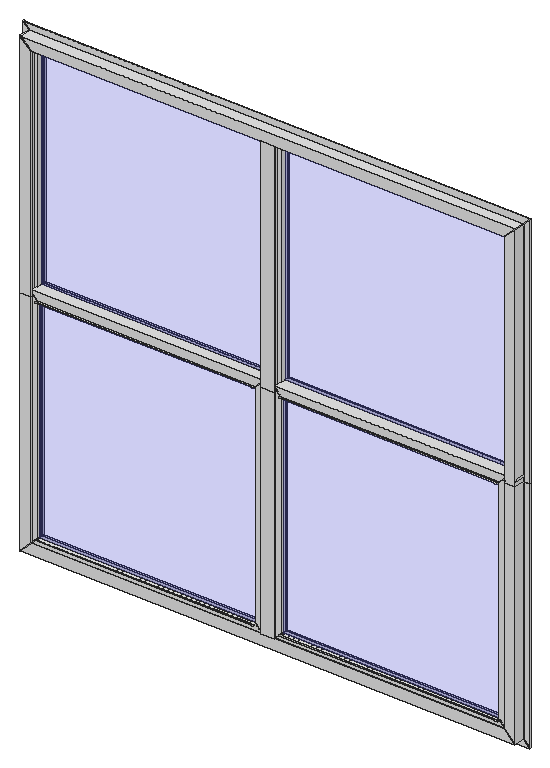
Revit family "591_SH-SH_nailfin", category Windows, host Wall, Revit 2016 (continued)
Automatic sketch dimensions
  Extrusion 8 sketch curve to host wall = 0.36278"
  Extrusion 8 sketch curve to plane 10 "Hbs" = 0.35353"
  Extrusion 8 sketch curve to Extrusion 8 sketch curve = 0.47403"
  Extrusion 8 sketch curve to Extrusion 8 sketch curve = 0.0395"
  Extrusion 8 sketch curve to Extrusion 8 sketch curve = 0.37545"
  Extrusion 8 sketch curve to Extrusion 8 sketch curve = 0.06205"
  Extrusion 8 sketch curve to Extrusion 8 sketch curve = 0.02526"
  Extrusion 8 sketch curve to plane 10 "Hbs" = 0.41553"
  Extrusion 8 sketch curve to plane 10 "Hbs" = 0.54054"
  Extrusion 8 sketch curve to Extrusion 8 sketch curve = 0.00004"  (x2)
  Extrusion 8 sketch curve to Extrusion 8 sketch curve = 0.41499"
  Extrusion 8 sketch curve to Extrusion 8 sketch curve = 0.41503"
  Extrusion 8 sketch curve to Extrusion 8 sketch curve = 1/16"
  Extrusion 8 sketch curve to Extrusion 8 sketch curve = 0.0378"
  plane 25 to Extrusion 8 sketch curve = 0.15278"
  Extrusion 8 sketch curve to Extrusion 8 sketch curve = 0.02525"
  Extrusion 9 sketch curve to host wall = 0"
  host wall to Extrusion 9 sketch curve = 0.065"
  host wall to Extrusion 9 sketch curve = 0.25043"
  plane 26 "Front of glass" to Extrusion 9 sketch curve = 0.0008"
  plane 26 "Front of glass" to Extrusion 9 sketch curve = 0.0403"
  plane 26 "Front of glass" to Extrusion 9 sketch curve = 0.10872"
  plane 6 "Head" to Extrusion 9 sketch curve = 5/256"
  Extrusion 9 sketch curve to Extrusion 9 sketch curve = 0.02762"
  Extrusion 9 sketch curve to plane 6 "Head" = 0.02047"
  Extrusion 9 sketch curve to Extrusion 9 sketch curve = 0.185"
  Extrusion 9 sketch curve to Extrusion 9 sketch curve = 0.36387"
  Extrusion 9 sketch curve to Extrusion 9 sketch curve = 1/8"
  Extrusion 9 sketch curve to host wall = 0.36"
  Extrusion 9 sketch curve to Extrusion 9 sketch curve = 0.2"
  Extrusion 9 sketch curve to Extrusion 9 sketch curve = 0.02528"
  Extrusion 9 sketch curve to plane 24 = 0.12495"
  Extrusion 9 sketch curve to plane 24 = 0.37495"
  plane 3 "Left" to Extrusion 28 sketch curve = 1.98862"
  Extrusion 28 sketch curve to plane 19 = 0.98638"
  plane 24 to Extrusion 28 sketch curve = 2.11143"
  Extrusion 28 sketch curve to plane 6 "Head" = 1.98909"
  plane 3 "Left" to Extrusion 29 sketch curve = 1.94673"
  Extrusion 29 sketch curve to plane 19 = 0.27827"
  plane 24 to Extrusion 29 sketch curve = 1.36143"
  Extrusion 29 sketch curve to plane 6 "Head" = 1.98909"
  plane 16 to Extrusion 30 sketch curve = 0.12665"
  Extrusion 30 sketch curve to plane 4 "Right" = 1.75984"
  plane 24 to Extrusion 30 sketch curve = 1.25217"
  Extrusion 30 sketch curve to plane 6 "Head" = 1.75984"
  plane 16 to Extrusion 31 sketch curve = 0.47997"
  Extrusion 31 sketch curve to plane 4 "Right" = 1.66316"
  plane 24 to Extrusion 31 sketch curve = 1 155/256"
  Extrusion 31 sketch curve to plane 6 "Head" = 1.66316"
  plane 16 to Extrusion 32 sketch curve = 1.54086"
  Extrusion 32 sketch curve to plane 4 "Right" = 1 1/2"
  plane 5 "Sill" to Extrusion 32 sketch curve = 1 1/2"
  Extrusion 32 sketch curve to plane 21 = 1.56226"
  plane 16 to Extrusion 33 sketch curve = 1.36409"
  Extrusion 33 sketch curve to plane 4 "Right" = 1.60203"
  plane 5 "Sill" to Extrusion 33 sketch curve = 1.60203"
  Extrusion 33 sketch curve to plane 21 = 1.38548"
  plane 3 "Left" to Extrusion 34 sketch curve = 1.9796"
  Extrusion 34 sketch curve to plane 19 = 1.21447"
  plane 5 "Sill" to Extrusion 34 sketch curve = 2"
  Extrusion 34 sketch curve to plane 21 = 1.21547"
  plane 3 "Left" to Extrusion 35 sketch curve = 2.98541"
  Extrusion 35 sketch curve to plane 19 = 1.85911"
  plane 5 "Sill" to Extrusion 35 sketch curve = 3.0058"
  Extrusion 35 sketch curve to plane 21 = 1.86011"
  plane 25 to Extrusion 36 sketch curve = 0.41477"
  plane 3 "Left" to Extrusion 36 sketch curve = 0.85"
  Extrusion 36 sketch curve to plane 23 = 0.12511"
  Extrusion 36 sketch curve to plane 12 = 0.5011"
  Extrusion 36 sketch curve to plane 19 = 1/2"
  Extrusion 36 sketch curve to plane 10 "Hbs" = 0.41553"
  Extrusion 36 sketch curve to plane 10 "Hbs" = 1.13757"
  Extrusion 37 sketch curve to plane 10 "Hbs" = 0"
  plane 3 "Left" to Extrusion 37 sketch curve = 1.85"
  Extrusion 37 sketch curve to plane 23 = 0.12511"
  Extrusion 37 sketch curve to plane 12 = 0.5011"
  Extrusion 37 sketch curve to plane 19 = 0.73925"
  Extrusion 37 sketch curve to plane 10 "Hbs" = 0.65479"
  plane 25 to Extrusion 37 sketch curve = 1.46991"
  plane 18 to Extrusion 38 sketch curve = 0.51402"
  plane 13 to Extrusion 38 sketch curve = 1/2"
  Extrusion 38 sketch curve to plane 14 = 0.50111"
  Extrusion 38 sketch curve to plane 17 = 0.51302"
  Extrusion 38 sketch curve to plane 10 "Hbs" = 0.42855"
  Extrusion 38 sketch curve to plane 23 = 1/8"  (x2)
  plane 25 to Extrusion 38 sketch curve = 0.3397"
  Extrusion 39 sketch curve to plane 10 "Hbs" = 0"
  plane 25 to Extrusion 39 sketch curve = 0.45179"
  plane 18 to Extrusion 39 sketch curve = 1.15617"
  plane 18 to Extrusion 39 sketch curve = 0.51402"
  plane 13 to Extrusion 39 sketch curve = 1/2"
  Extrusion 39 sketch curve to plane 14 = 0.50111"
  Extrusion 39 sketch curve to plane 17 = 0.76302"
  Extrusion 39 sketch curve to plane 10 "Hbs" = 0.42855"
  Extrusion 39 sketch curve to plane 10 "Hbs" = 0.67855"
  Extrusion 39 sketch curve to plane 23 = 1/8"  (x2)
  plane 16 to Extrusion 40 sketch curve = 1/2"
  Extrusion 40 sketch curve to plane 23 = 0.12511"
  plane 15 to Extrusion 40 sketch curve = 1/2"
  Extrusion 40 sketch curve to plane 4 "Right" = 0.42694"
  Extrusion 40 sketch curve to plane 10 "Hbs" = 0.41553"
  Extrusion 41 sketch curve to plane 10 "Hbs" = 0"
  plane 16 to Extrusion 41 sketch curve = 1/2"
  Extrusion 41 sketch curve to plane 23 = 0.12511"
  plane 15 to Extrusion 41 sketch curve = 1/2"
  Extrusion 41 sketch curve to plane 4 "Right" = 1.35"
  Extrusion 41 sketch curve to plane 10 "Hbs" = 0.41553"
  plane 25 to Extrusion 41 sketch curve = 0.88034"
  plane 18 to Extrusion 45 sketch curve = 1.00079"
  Extrusion 45 sketch curve to Extrusion 45 sketch curve = 1/2"
  plane 13 to Extrusion 45 sketch curve = 0.49979"
  Extrusion 45 sketch curve to plane 14 = 0.50111"
  Extrusion 45 sketch curve to plane 17 = 1/2"
  Extrusion 45 sketch curve to Extrusion 45 sketch curve = 0.25021"
  plane 5 "Sill" to Extrusion 45 sketch curve = 0.37029"
  plane 21 to Extrusion 45 sketch curve = 0.6239"
  Extrusion 45 sketch curve to plane 21 = 0.501"  (x2)
  plane 18 to Extrusion 46 sketch curve = 0.501"
  plane 13 to Extrusion 46 sketch curve = 0.52009"
  Extrusion 46 sketch curve to plane 14 = 0.52141"
  Extrusion 46 sketch curve to plane 17 = 1/2"
  plane 21 to Extrusion 46 sketch curve = 0.6036"
  Extrusion 46 sketch curve to plane 21 = 0.501"
  Extrusion 46 sketch curve to plane 21 = 0.50121"
  Extrusion 46 sketch curve to Extrusion 46 sketch curve = 1.00021"
  plane 18 to Extrusion 52 sketch curve = 0.34379"
  Extrusion 52 sketch curve to plane 17 = 0.40721"
  plane 24 to Extrusion 52 sketch curve = 0.50052"
  Extrusion 52 sketch curve to plane 6 "Head" = 0.71895"
  curve 44 to curve 42 = 2 1/2"  (x2)
  curve 42 to curve 43 = 2 1/2"
  curve 44 to curve 42 = 0"
  curve 38 to curve 45 = 1 1/2"
  curve 40 to curve 46 = 2 1/2"
  curve 53 to curve 51 = 0"
  curve 51 to curve 52 = 2 1/2"
  curve 53 to curve 51 = 2 1/2"  (x2)
  curve 47 to curve 54 = 1 1/2"
  curve 50 to curve 55 = 2 1/2"
  curve 62 to curve 66 = 2 1/2"
  curve 67 to curve 64 = 2"
  curve 70 to curve 69 = 0"
  curve 71 to curve 75 = 2 1/2"
  curve 76 to curve 71 = 2"
  curve 79 to curve 78 = 0"
  Extrusion 7 sketch curve to Extrusion 7 sketch curve = 0.744"
  Extrusion 47 sketch curve to host wall = 0.8735"
  Extrusion 47 sketch curve to Extrusion 47 sketch curve = 0.744"
  Extrusion 8 sketch curve to Extrusion 8 sketch curve = 0.2425"
  host wall to Extrusion 8 sketch curve = 0.24963"
  Extrusion 48 sketch curve to Extrusion 48 sketch curve = 0.74403"
  plane 24 to Extrusion 9 sketch curve = 0.50052"
  plane 24 to Extrusion 9 sketch curve = 0.46373"
  Extrusion 6 sketch curve to Extrusion 6 sketch curve = 1/2"
  Extrusion 6 sketch curve to Extrusion 6 sketch curve = 0.744"
  plane 18 to Extrusion 5 sketch curve = 0.501"
  Extrusion 4 sketch curve to Extrusion 4 sketch curve = 0.744"
  Extrusion 50 sketch curve to Extrusion 50 sketch curve = 0.744"
  Extrusion 49 sketch curve to plane 26 "Front of glass" = 0"
  Extrusion 3 sketch curve to Extrusion 3 sketch curve = 0.46326"
  Extrusion 2 sketch curve to plane 14 = 0.50111"
  plane 26 "Front of glass" to Extrusion 2 sketch curve = 0.00284"
  Extrusion 2 sketch curve to Extrusion 2 sketch curve = 0.46326"
  plane 26 "Front of glass" to Extrusion 1 sketch curve = 0.00168"
Types (104): name | VBS | MLW | Interior Color | Height | Hbs | Exterior Color | Width
  (no name) | 45" | 5 5/8" | White | 84" | 42" | White | 90"
  84x84 | 42" | 5 1/4" | none | 84" | 42" | none | 84"
  36x36 | 18" | 2 1/4" | none | 36" | 18" | none | 36"
  24x24Min | 12" | 1 1/2" | none | 24" | 12" | none | 24"
  90x90Max | 45" | 5 5/8" | none | 90" | 45" | none | 90"
  48x48 | 24" | 3" | none | 48" | 24" | none | 48"
  60x60 | 30" | 3 3/4" | none | 60" | 30" | none | 60"
  72x72 | 36" | 4 1/2" | none | 72" | 36" | none | 72"
  24x30 | 12" | 1 1/2" | none | 30" | 15" | none | 24"
  24x36 | 12" | 1 1/2" | none | 36" | 18" | none | 24"
  24x42 | 12" | 1 1/2" | none | 42" | 21" | none | 24"
  24x48 | 12" | 1 1/2" | none | 48" | 24" | none | 24"
  30x24 | 15" | 1 7/8" | none | 24" | 12" | none | 30"
  30x30 | 15" | 1 7/8" | none | 30" | 15" | none | 30"
  30x36 | 15" | 1 7/8" | none | 36" | 18" | none | 30"
  30x42 | 15" | 1 7/8" | none | 42" | 21" | none | 30"
  30x48 | 15" | 1 7/8" | none | 48" | 24" | none | 30"
  30x54 | 15" | 1 7/8" | none | 54" | 27" | none | 30"
  36x24 | 18" | 2 1/4" | none | 24" | 12" | none | 36"
  36x30 | 18" | 2 1/4" | none | 30" | 15" | none | 36"
  36x42 | 18" | 2 1/4" | none | 42" | 21" | none | 36"
  36x48 | 18" | 2 1/4" | none | 48" | 24" | none | 36"
  36x54 | 18" | 2 1/4" | none | 54" | 27" | none | 36"
  36x60 | 18" | 2 1/4" | none | 60" | 30" | none | 36"
  36x66 | 18" | 2 1/4" | none | 66" | 33" | none | 36"
  42x30 | 21" | 2 5/8" | none | 30" | 15" | none | 42"
  42x24 | 21" | 2 5/8" | none | 24" | 12" | none | 42"
  42x36 | 21" | 2 5/8" | none | 36" | 18" | none | 42"
  42x42 | 21" | 2 5/8" | none | 42" | 21" | none | 42"
  42x48 | 21" | 2 5/8" | none | 48" | 24" | none | 42"
  42x54 | 21" | 2 5/8" | none | 54" | 27" | none | 42"
  42x60 | 21" | 2 5/8" | none | 60" | 30" | none | 42"
  42x66 | 21" | 2 5/8" | none | 66" | 33" | none | 42"
  42x72 | 21" | 2 5/8" | none | 72" | 36" | none | 42"
  48x30 | 24" | 3" | none | 30" | 15" | none | 48"
  48x36 | 24" | 3" | none | 36" | 18" | none | 48"
  48x42 | 24" | 3" | none | 42" | 21" | none | 48"
  48x54 | 24" | 3" | none | 54" | 27" | none | 48"
  48x60 | 24" | 3" | none | 60" | 30" | none | 48"
  48x66 | 24" | 3" | none | 66" | 33" | none | 48"
  48x72 | 24" | 3" | none | 72" | 36" | none | 48"
  48x78 | 24" | 3" | none | 78" | 39" | none | 48"
  54x36 | 27" | 3 3/8" | none | 36" | 18" | none | 54"
  54x42 | 27" | 3 3/8" | none | 42" | 21" | none | 54"
  54x48 | 27" | 3 3/8" | none | 48" | 24" | none | 54"
  54x54 | 27" | 3 3/8" | none | 54" | 27" | none | 54"
  54x60 | 27" | 3 3/8" | none | 60" | 30" | none | 54"
  54x66 | 27" | 3 3/8" | none | 66" | 33" | none | 54"
  54x72 | 27" | 3 3/8" | none | 72" | 36" | none | 54"
  54x78 | 27" | 3 3/8" | none | 78" | 39" | none | 54"
  54x84 | 27" | 3 3/8" | none | 84" | 42" | none | 54"
  54x90 | 27" | 3 3/8" | none | 90" | 45" | none | 54"
  60x36 | 30" | 3 3/4" | none | 36" | 18" | none | 60"
  60x30 | 30" | 3 3/4" | none | 30" | 15" | none | 60"
  60x42 | 30" | 3 3/4" | none | 42" | 21" | none | 60"
  60x48 | 30" | 3 3/4" | none | 48" | 24" | none | 60"
  60x54 | 30" | 3 3/4" | none | 54" | 27" | none | 60"
  60x66 | 30" | 3 3/4" | none | 66" | 33" | none | 60"
  60x72 | 30" | 3 3/4" | none | 72" | 36" | none | 60"
  60x78 | 30" | 3 3/4" | none | 78" | 39" | none | 60"
  60x84 | 30" | 3 3/4" | none | 84" | 42" | none | 60"
  60x90 | 30" | 3 3/4" | none | 90" | 45" | none | 60"
  66x36 | 33" | 4 1/8" | none | 36" | 18" | none | 66"
  66x42 | 33" | 4 1/8" | none | 42" | 21" | none | 66"
  66x48 | 33" | 4 1/8" | none | 48" | 24" | none | 66"
  66x54 | 33" | 4 1/8" | none | 54" | 27" | none | 66"
  66x60 | 33" | 4 1/8" | none | 60" | 30" | none | 66"
  66x66 | 33" | 4 1/8" | none | 66" | 33" | none | 66"
  66x72 | 33" | 4 1/8" | none | 72" | 36" | none | 66"
  66x78 | 33" | 4 1/8" | none | 78" | 39" | none | 66"
  66x84 | 33" | 4 1/8" | none | 84" | 42" | none | 66"
  66x90 | 33" | 4 1/8" | none | 90" | 45" | none | 66"
  72x42 | 36" | 4 1/2" | none | 42" | 21" | none | 72"
  72x48 | 36" | 4 1/2" | none | 48" | 24" | none | 72"
  72x54 | 36" | 4 1/2" | none | 54" | 27" | none | 72"
  72x60 | 36" | 4 1/2" | none | 60" | 30" | none | 72"
  72x66 | 36" | 4 1/2" | none | 66" | 33" | none | 72"
  72x78 | 36" | 4 1/2" | none | 78" | 39" | none | 72"
  72x84 | 36" | 4 1/2" | none | 84" | 42" | none | 72"
  72x90 | 36" | 4 1/2" | none | 90" | 45" | none | 72"
  78x42 | 39" | 4 7/8" | none | 42" | 21" | none | 78"
  78x48 | 39" | 4 7/8" | none | 48" | 24" | none | 78"
  78x54 | 39" | 4 7/8" | none | 54" | 27" | none | 78"
  78x60 | 39" | 4 7/8" | none | 60" | 30" | none | 78"
  78x66 | 39" | 4 7/8" | none | 66" | 33" | none | 78"
  78x72 | 39" | 4 7/8" | none | 72" | 36" | none | 78"
  78x78 | 39" | 4 7/8" | none | 78" | 39" | none | 78"
  78x84 | 39" | 4 7/8" | none | 84" | 42" | none | 78"
  78x90 | 39" | 4 7/8" | none | 90" | 45" | none | 78"
  84x42 | 42" | 5 1/4" | none | 42" | 21" | none | 84"
  84x48 | 42" | 5 1/4" | none | 48" | 24" | none | 84"
  84x54 | 42" | 5 1/4" | none | 54" | 27" | none | 84"
  84x60 | 42" | 5 1/4" | none | 60" | 30" | none | 84"
  84x66 | 42" | 5 1/4" | none | 66" | 33" | none | 84"
  84x72 | 42" | 5 1/4" | none | 72" | 36" | none | 84"
  84x78 | 42" | 5 1/4" | none | 78" | 39" | none | 84"
  84x90 | 42" | 5 1/4" | none | 90" | 45" | none | 84"
  90x48 | 45" | 5 5/8" | none | 48" | 24" | none | 90"
  90x54 | 45" | 5 5/8" | none | 54" | 27" | none | 90"
  90x60 | 45" | 5 5/8" | none | 60" | 30" | none | 90"
  90x66 | 45" | 5 5/8" | none | 66" | 33" | none | 90"
  90x72 | 45" | 5 5/8" | none | 72" | 36" | none | 90"
  90x78 | 45" | 5 5/8" | none | 78" | 39" | none | 90"
  90x84 | 45" | 5 5/8" | White | 84" | 42" | White | 90"
